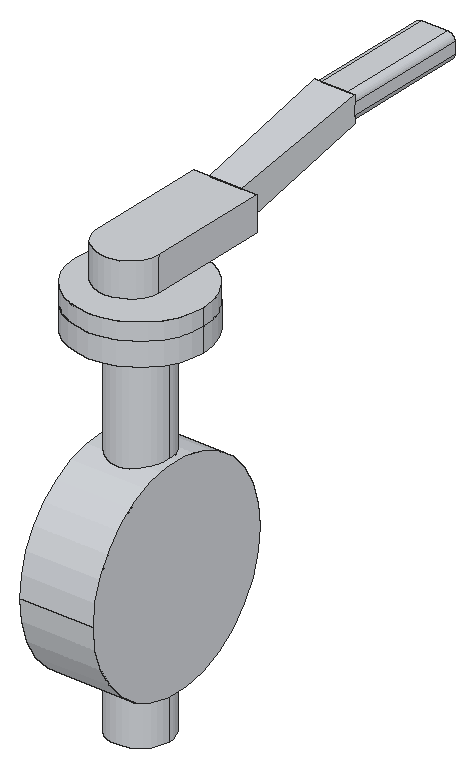
Revit family "HS497-67_disk-litina-s pákou DN100-RFA_2019", category Pipe Accessories, Revit 2019
Family settings
  Round Connector Dimension = Use Diameter
  Part Type = Valve - Breaks Into
  Work Plane-Based = No
  Always vertical = Yes
  Cut with Voids When Loaded = No
  Shared = No
Parameters (values of type "HS 497-67_DN100_PN16_s pákou")
  magiProductId = "28172f0b3f4b47b28323ac71cf8749"
  magiProductFamilyId = "53cea81e6f374d17b8841d9c72ad77"
  magiPartTypeId = 305
  isMeasuringValve [instance] = no
  ang2D [instance] = 0.00°
  X11 = 61.456 mm
  X1 = 25.456 mm
  W2D = 1000 mm
  VersionID = "2.0/2017.9.26.1/ZETKAMA_497_001"
  Use Minimum Symbol Size [instance] = yes
  URL = "http://www.hydronix.cz"
  Type Comments = "mezipřírubová; litinový disk; PN16; -10~+110°C (krátkodobě +120°C)"
  SW30 = no
  SW3 = no
  SW21 = no
  SW20 = yes
  SW2 = yes
  SW1 = no
  R = 50 mm
  QmdConnectorList = "301;D;302;D"
  Productdata [instance] = ""
  NC = 50 mm
  Model = ""
  Manufacturer = "Hydronix"  # constant formula
  MM20 = 25.456 mm
  MC Product Code = "120 100 (litinový disk, s pákou; DN100; PN16, kvs512)"
  M41 = 66 mm
  M4 = 44 mm
  LHL = 260 mm
  LHH3 = 3 mm
  LHH1 = 57 mm
  LH1 = 86.667 mm
  L4R__ve = -L4R  # -12.8 mm
  L4R = 12.8 mm
  L42__ve = -L42  # -96 mm
  L42 = 96 mm
  L41__ve = -L41  # -19.2 mm
  L41 = 19.2 mm
  L2D_Min = 3048 mm
  L2D = 216 mm
  L2 = 26 mm
  L1 = 41.6 mm
  L = 52 mm
  H = 30 mm
  G22 = 11.25 mm
  G2 = 22.5 mm
  G1 = 90 mm
  G = 90 mm
  F = 11 mm
  E44 = 31.25 mm
  E42 = 62.5 mm
  E4 = 125 mm
  E23 = 6 mm
  E22 = 24 mm
  E21 = 12 mm
  Description = "Mezipřírubová uzavírací klapka s pákou; litinový disk, DN100; PN16; kvs512"
  DR2 = 50 mm
  DR = 147 mm
  DD1 = 15.625 mm
  DD = 12.5 mm
  D = 100 mm
  CAT0 = yes
  B2__ve = -B2  # -56 mm
  B2 = 56 mm
  A2 = 16.5 mm
  A1 = 98.5 mm
Types (43, lengths in mm): name | magiProductId | X11 | X1 | Type Comments | SW30 | SW3 | SW20 | SW2 | SW1 | R | NC | MM20 | MC Product Code | M41 | M4 | LHL | LHH3 | LHH1 | LH1 | L4R__ve | L4R | L42__ve | L42 | L41__ve | L41 | L2 | L1 | L | H | G | F | E44 | E42 | E4 | E23 | E22 | E21 | Description | DR2 | DR | DD1 | DD | D | B2__ve | B2 | A2 | A1
  HS 497-67_DN100_PN16_volné vřeteno | "65d1b245f4f142c78569c0602d5754" | 61.456 | 25.456 | "mezipřírubová; litinový disk; PN16; -10~+110°C (krátkodobě +120°C)" | no | no | no | no | yes | 50 | 50 | 25.456 | "123 100 (litinový disk, s volným vřetenem; DN100; PN16, kvs512)" | 66 | 44 | 220 | 2.45 | 46.55 | 73.333 | -12.8 | 12.8 | -96 | 96 | -19.2 | 19.2 | 26 | 41.6 | 52 | 30 | 90 | 11 | 31.25 | 62.5 | 125 | 4.9 | 19.6 | 9.8 | "Mezipřírubová uzavírací klapka s volným vřetenem; litinový disk, DN100; PN16; kvs512" | 50 | 147 | 15.625 | 12.5 | 100 | -56 | 56 | 16.5 | 98.5
  HS 497-67_DN100_PN16_převodové kolo | "11e91b807e674d428c8e796fcdcfe2" | 61.456 | 25.456 | "mezipřírubová; litinový disk; PN16; -10~+110°C (krátkodobě +120°C)" | yes | yes | no | no | no | 50 | 50 | 25.456 | "125 100 (litinový disk, s převodovým kolem; DN100; PN16, kvs512)" | 65.25 | 43.5 | 220 | 2.45 | 46.55 | 73.333 | -12.8 | 12.8 | -96 | 96 | -19.2 | 19.2 | 26 | 41.6 | 52 | 30 | 90 | 11 | 31.25 | 62.5 | 125 | 4.9 | 19.6 | 9.8 | "Mezipřírubová uzavírací klapka s převodovým kolem; litinový disk, DN100; PN16; kvs512" | 50 | 147 | 15.625 | 12.5 | 100 | -56 | 56 | 16.5 | 98.5
  HS 497-67_DN100_PN16_s pákou | "28172f0b3f4b47b28323ac71cf8749" | 61.456 | 25.456 | "mezipřírubová; litinový disk; PN16; -10~+110°C (krátkodobě +120°C)" | no | no | yes | yes | no | 50 | 50 | 25.456 | "120 100 (litinový disk, s pákou; DN100; PN16, kvs512)" | 66 | 44 | 260 | 3 | 57 | 86.667 | -12.8 | 12.8 | -96 | 96 | -19.2 | 19.2 | 26 | 41.6 | 52 | 30 | 90 | 11 | 31.25 | 62.5 | 125 | 6 | 24 | 12 | "Mezipřírubová uzavírací klapka s pákou; litinový disk, DN100; PN16; kvs512" | 50 | 147 | 15.625 | 12.5 | 100 | -56 | 56 | 16.5 | 98.5
  HS 497-67_DN125_PN16_volné vřeteno | "0d813d910fc14f628bb3c2efbd185c" | 61.456 | 25.456 | "mezipřírubová; litinový disk; PN16; -10~+110°C (krátkodobě +120°C)" | no | no | no | no | yes | 62.5 | 50 | 25.456 | "123 125 (litinový disk, s volným vřetenem; DN125; PN16, kvs872)" | 66 | 44 | 220 | 2.45 | 46.55 | 73.333 | -12.8 | 12.8 | -96 | 96 | -19.2 | 19.2 | 28 | 44.8 | 56 | 33 | 90 | 14 | 31.25 | 62.5 | 125 | 4.9 | 19.6 | 9.8 | "Mezipřírubová uzavírací klapka s volným vřetenem; litinový disk, DN125; PN16; kvs872" | 62.5 | 180 | 15.625 | 12.5 | 125 | -64 | 64 | 18 | 99.5
  HS 497-67_DN125_PN16_převodové kolo | "c56b7c13f372467684996fb1e0e229" | 61.456 | 25.456 | "mezipřírubová; litinový disk; PN16; -10~+110°C (krátkodobě +120°C)" | yes | yes | no | no | no | 62.5 | 50 | 25.456 | "125 125 (litinový disk, s převodovým kolem; DN125; PN16, kvs872)" | 65.25 | 43.5 | 220 | 2.45 | 46.55 | 73.333 | -13.5 | 13.5 | -101.25 | 101.25 | -20.25 | 20.25 | 28 | 44.8 | 56 | 33 | 90 | 14 | 40 | 80 | 160 | 4.9 | 19.6 | 9.8 | "Mezipřírubová uzavírací klapka s převodovým kolem; litinový disk, DN125; PN16; kvs872" | 62.5 | 180 | 20 | 16 | 125 | -64 | 64 | 18 | 99.5
  HS 497-67_DN125_PN16_s pákou | "105993c79a91492399feef7931321a" | 61.456 | 25.456 | "mezipřírubová; litinový disk; PN16; -10~+110°C (krátkodobě +120°C)" | no | no | yes | yes | no | 62.5 | 50 | 25.456 | "120 125 (litinový disk, s pákou; DN125; PN16, kvs872)" | 66 | 44 | 315 | 3.75 | 71.25 | 105 | -12.8 | 12.8 | -96 | 96 | -19.2 | 19.2 | 28 | 44.8 | 56 | 33 | 90 | 14 | 31.25 | 62.5 | 125 | 7.5 | 30 | 15 | "Mezipřírubová uzavírací klapka s pákou; litinový disk, DN125; PN16; kvs872" | 62.5 | 180 | 15.625 | 12.5 | 125 | -64 | 64 | 18 | 99.5
  HS 497-67_DN150_PN16_volné vřeteno | "50c80cb8ab434f55ab7796e5ac1331" | 61.456 | 25.456 | "mezipřírubová; litinový disk; PN16; -10~+110°C (krátkodobě +120°C)" | no | no | no | no | yes | 75 | 50 | 25.456 | "123 150 (litinový disk, s volným vřetenem; DN150; PN16, kvs1347)" | 66 | 44 | 220 | 2.45 | 46.55 | 73.333 | -12.8 | 12.8 | -96 | 96 | -19.2 | 19.2 | 28 | 44.8 | 56 | 33 | 90 | 14 | 31.25 | 62.5 | 125 | 4.9 | 19.6 | 9.8 | "Mezipřírubová uzavírací klapka s volným vřetenem; litinový disk, DN150; PN16; kvs1347" | 75 | 206 | 15.625 | 12.5 | 150 | -58 | 58 | 19.3 | 98.7
  HS 497-67_DN150_PN16_převodové kolo | "d94a1a0cf83b476eb10011b327f709" | 61.456 | 25.456 | "mezipřírubová; litinový disk; PN16; -10~+110°C (krátkodobě +120°C)" | yes | yes | no | no | no | 75 | 50 | 25.456 | "125 150 (litinový disk, s převodovým kolem; DN150; PN16, kvs1347)" | 65.25 | 43.5 | 220 | 2.45 | 46.55 | 73.333 | -13.5 | 13.5 | -101.25 | 101.25 | -20.25 | 20.25 | 28 | 44.8 | 56 | 33 | 90 | 14 | 40 | 80 | 160 | 4.9 | 19.6 | 9.8 | "Mezipřírubová uzavírací klapka s převodovým kolem; litinový disk, DN150; PN16; kvs1347" | 75 | 206 | 20 | 16 | 150 | -58 | 58 | 19.3 | 98.7
  HS 497-67_DN150_PN16_s pákou | "4d2835523fe84828bc50ff0a5a0dfb" | 61.456 | 25.456 | "mezipřírubová; litinový disk; PN16; -10~+110°C (krátkodobě +120°C)" | no | no | yes | yes | no | 75 | 50 | 25.456 | "120 150 (litinový disk, s pákou; DN150; PN16, kvs1347)" | 66 | 44 | 315 | 3.75 | 71.25 | 105 | -12.8 | 12.8 | -96 | 96 | -19.2 | 19.2 | 28 | 44.8 | 56 | 33 | 90 | 14 | 31.25 | 62.5 | 125 | 7.5 | 30 | 15 | "Mezipřírubová uzavírací klapka s pákou; litinový disk, DN150; PN16; kvs1347" | 75 | 206 | 15.625 | 12.5 | 150 | -58 | 58 | 19.3 | 98.7
  HS 497-67_DN200_PN16_volné vřeteno | "5b29029eaeba47139ee1055a4b9201" | 61.456 | 25.456 | "mezipřírubová; litinový disk; PN16; -10~+110°C (krátkodobě +120°C)" | no | no | no | no | yes | 100 | 50 | 25.456 | "123 200 (litinový disk, s volným vřetenem; DN200; PN16, kvs2675)" | 66 | 44 | 220 | 2.45 | 46.55 | 73.333 | -12.8 | 12.8 | -96 | 96 | -19.2 | 19.2 | 30 | 48 | 60 | 33 | 90 | 17 | 31.25 | 62.5 | 125 | 4.9 | 19.6 | 9.8 | "Mezipřírubová uzavírací klapka s volným vřetenem; litinový disk, DN200; PN16; kvs2675" | 100 | 257 | 15.625 | 12.5 | 200 | -70 | 70 | 22.5 | 102.5
  HS 497-67_DN200_PN16_převodové kolo | "b2793cc1fcc44cf2a35062cd67c04f" | 61.456 | 25.456 | "mezipřírubová; litinový disk; PN16; -10~+110°C (krátkodobě +120°C)" | yes | yes | no | no | no | 100 | 57 | 25.456 | "125 200 (litinový disk, s převodovým kolem; DN200; PN16, kvs2675)" | 78.75 | 52.5 | 220 | 2.45 | 46.55 | 73.333 | -15.2 | 15.2 | -114 | 114 | -22.8 | 22.8 | 30 | 48 | 60 | 33 | 90 | 17 | 50 | 100 | 200 | 4.9 | 19.6 | 9.8 | "Mezipřírubová uzavírací klapka s převodovým kolem; litinový disk, DN200; PN16; kvs2675" | 100 | 257 | 25 | 20 | 200 | -70 | 70 | 22.5 | 102.5
  HS 497-67_DN200_PN16_s pákou | "f88d96c7af224537a51e72d7d8fffe" | 61.456 | 25.456 | "mezipřírubová; litinový disk; PN16; -10~+110°C (krátkodobě +120°C)" | no | no | yes | yes | no | 100 | 50 | 25.456 | "120 200 (litinový disk, s pákou; DN200; PN16, kvs2675)" | 66 | 44 | 315 | 3.75 | 71.25 | 105 | -12.8 | 12.8 | -96 | 96 | -19.2 | 19.2 | 30 | 48 | 60 | 33 | 90 | 17 | 31.25 | 62.5 | 125 | 7.5 | 30 | 15 | "Mezipřírubová uzavírací klapka s pákou; litinový disk, DN200; PN16; kvs2675" | 100 | 257 | 15.625 | 12.5 | 200 | -70 | 70 | 22.5 | 102.5
  HS 497-67_DN250_PN16_volné vřeteno | "b662e8305ca2402b9c510e66e6aa55" | 88.77 | 36.77 | "mezipřírubová; litinový disk; PN16; -10~+110°C (krátkodobě +120°C)" | no | no | no | no | yes | 125 | 50 | 36.77 | "123 250 (litinový disk, s volným vřetenem; DN250; PN16, kvs4555)" | 66 | 44 | 220 | 2.45 | 46.55 | 73.333 | -12.8 | 12.8 | -96 | 96 | -19.2 | 19.2 | 34 | 54.4 | 68 | 23 | 130 | 22 | 31.25 | 62.5 | 125 | 4.9 | 19.6 | 9.8 | "Mezipřírubová uzavírací klapka s volným vřetenem; litinový disk, DN250; PN16; kvs4555" | 125 | 324 | 15.625 | 12.5 | 250 | -85 | 85 | 28.25 | 129.25
  HS 497-67_DN250_PN16_převodové kolo | "5ee9016806664ddfaa2632711f295c" | 88.77 | 36.77 | "mezipřírubová; litinový disk; PN16; -10~+110°C (krátkodobě +120°C)" | yes | yes | no | no | no | 125 | 70 | 36.77 | "125 250 (litinový disk, s převodovým kolem; DN250; PN16, kvs4555)" | 91.5 | 61 | 220 | 2.45 | 46.55 | 73.333 | -22.2 | 22.2 | -166.5 | 166.5 | -33.3 | 33.3 | 34 | 54.4 | 68 | 23 | 130 | 22 | 62.5 | 125 | 250 | 4.9 | 19.6 | 9.8 | "Mezipřírubová uzavírací klapka s převodovým kolem; litinový disk, DN250; PN16; kvs4555" | 125 | 324 | 31.25 | 25 | 250 | -85 | 85 | 28.25 | 129.25
  HS 497-67_DN300_PN16_volné vřeteno | "e1886f51ff004380a649519258edf2" | 88.77 | 36.77 | "mezipřírubová; litinový disk; PN16; -10~+110°C (krátkodobě +120°C)" | no | no | no | no | yes | 150 | 50 | 36.77 | "123 300 (litinový disk, s volným vřetenem; DN300; PN16, kvs7037)" | 66 | 44 | 220 | 2.45 | 46.55 | 73.333 | -12.8 | 12.8 | -96 | 96 | -19.2 | 19.2 | 39 | 62.4 | 78 | 23 | 130 | 22 | 31.25 | 62.5 | 125 | 4.9 | 19.6 | 9.8 | "Mezipřírubová uzavírací klapka s volným vřetenem; litinový disk, DN300; PN16; kvs7037" | 150 | 376 | 15.625 | 12.5 | 300 | -90 | 90 | 30.8 | 127.2
  HS 497-67_DN300_PN16_převodové kolo | "6860f094f77d42088fbebc3c97f755" | 88.77 | 36.77 | "mezipřírubová; litinový disk; PN16; -10~+110°C (krátkodobě +120°C)" | yes | yes | no | no | no | 150 | 70 | 36.77 | "125 300 (litinový disk, s převodovým kolem; DN300; PN16, kvs7037)" | 91.5 | 61 | 220 | 2.45 | 46.55 | 73.333 | -22.2 | 22.2 | -166.5 | 166.5 | -33.3 | 33.3 | 39 | 62.4 | 78 | 23 | 130 | 22 | 62.5 | 125 | 250 | 4.9 | 19.6 | 9.8 | "Mezipřírubová uzavírací klapka s převodovým kolem; litinový disk, DN300; PN16; kvs7037" | 150 | 376 | 31.25 | 25 | 300 | -90 | 90 | 30.8 | 127.2
  HS 497-67_DN032_PN16_volné vřeteno | "8c5f65de52aa4067a77564107e31b2" | 61.456 | 25.456 | "mezipřírubová; litinový disk; PN16; -10~+110°C (krátkodobě +120°C)" | no | no | no | no | yes | 16 | 50 | 25.456 | "123 032 (litinový disk, s volným vřetenem; DN32; PN16, kvs78)" | 66 | 44 | 220 | 2.45 | 46.55 | 73.333 | -12.8 | 12.8 | -96 | 96 | -19.2 | 19.2 | 16.5 | 26.4 | 33 | 30 | 90 | 11 | 31.25 | 62.5 | 125 | 4.9 | 19.6 | 9.8 | "Mezipřírubová uzavírací klapka s volným vřetenem; litinový disk, DN32; PN16; kvs78" | 16 | 68 | 15.625 | 12.5 | 32 | -44.2 | 44.2 | 10.25 | 76.25
  HS 497-67_DN032_PN16_převodové kolo | "60aaeffa8b3a4e809ef000e4660060" | 61.456 | 25.456 | "mezipřírubová; litinový disk; PN16; -10~+110°C (krátkodobě +120°C)" | yes | yes | no | no | no | 16 | 50 | 25.456 | "125 032 (litinový disk, s převodovým kolem; DN32; PN16, kvs78)" | 65.25 | 43.5 | 220 | 2.45 | 46.55 | 73.333 | -12.8 | 12.8 | -96 | 96 | -19.2 | 19.2 | 16.5 | 26.4 | 33 | 30 | 90 | 11 | 31.25 | 62.5 | 125 | 4.9 | 19.6 | 9.8 | "Mezipřírubová uzavírací klapka s převodovým kolem; litinový disk, DN32; PN16; kvs78" | 16 | 68 | 15.625 | 12.5 | 32 | -44.2 | 44.2 | 10.25 | 76.25
  HS 497-67_DN032_PN16_s pákou | "9ad8088d610749a1b871aa2aad8007" | 61.456 | 25.456 | "mezipřírubová; litinový disk; PN16; -10~+110°C (krátkodobě +120°C)" | no | no | yes | yes | no | 16 | 50 | 25.456 | "120 032 (litinový disk, s pákou; DN32; PN16, kvs78)" | 66 | 44 | 220 | 2.45 | 46.55 | 73.333 | -12.8 | 12.8 | -96 | 96 | -19.2 | 19.2 | 16.5 | 26.4 | 33 | 30 | 90 | 11 | 31.25 | 62.5 | 125 | 4.9 | 19.6 | 9.8 | "Mezipřírubová uzavírací klapka s pákou; litinový disk, DN32; PN16; kvs78" | 16 | 68 | 15.625 | 12.5 | 32 | -44.2 | 44.2 | 10.25 | 76.25
  HS 497-67_DN350_PN10_volné vřeteno | "72a1e05f22944421b7e9596a877137" | 109.255 | 45.255 | "mezipřírubová; litinový disk; PN10; -10~+110°C (krátkodobě +120°C)" | no | no | no | no | yes | 175 | 50 | 45.255 | "123 350 (litinový disk, s volným vřetenem; DN350; PN10, kvs10165)" | 66 | 44 | 220 | 2.45 | 46.55 | 73.333 | -12.8 | 12.8 | -96 | 96 | -19.2 | 19.2 | 39 | 62.4 | 78 | 31 | 160 | 22 | 31.25 | 62.5 | 125 | 4.9 | 19.6 | 9.8 | "Mezipřírubová uzavírací klapka s volným vřetenem; litinový disk, DN350; PN10; kvs10165" | 175 | 430 | 15.625 | 12.5 | 350 | -88 | 88 | 33.85 | 129.65
  HS 497-67_DN350_PN10_převodové kolo | "a5a01426cb28494ba3afca92f1dace" | 109.255 | 45.255 | "mezipřírubová; litinový disk; PN10; -10~+110°C (krátkodobě +120°C)" | yes | yes | no | no | no | 175 | 70 | 45.255 | "125 350 (litinový disk, s převodovým kolem; DN350; PN10, kvs10165)" | 91.5 | 61 | 220 | 2.45 | 46.55 | 73.333 | -22.2 | 22.2 | -166.5 | 166.5 | -33.3 | 33.3 | 39 | 62.4 | 78 | 31 | 160 | 22 | 62.5 | 125 | 250 | 4.9 | 19.6 | 9.8 | "Mezipřírubová uzavírací klapka s převodovým kolem; litinový disk, DN350; PN10; kvs10165" | 175 | 430 | 31.25 | 25 | 350 | -88 | 88 | 33.85 | 129.65
  HS 497-67_DN400_PN10_volné vřeteno | "c70ebeb927c04ab99b176e257ad0a7" | 109.255 | 45.255 | "mezipřírubová; litinový disk; PN10; -10~+110°C (krátkodobě +120°C)" | no | no | no | no | yes | 200 | 50 | 45.255 | "123 400 (litinový disk, s volným vřetenem; DN400; PN10, kvs13799)" | 66 | 44 | 220 | 2.45 | 46.55 | 73.333 | -12.8 | 12.8 | -96 | 96 | -19.2 | 19.2 | 51 | 81.6 | 102 | 31 | 160 | 27 | 31.25 | 62.5 | 125 | 4.9 | 19.6 | 9.8 | "Mezipřírubová uzavírací klapka s volným vřetenem; litinový disk, DN400; PN10; kvs13799" | 200 | 485 | 15.625 | 12.5 | 400 | -108 | 108 | 38 | 142
  HS 497-67_DN400_PN10_převodové kolo | "cc64a4384dcb41b780d81810f4f293" | 109.255 | 45.255 | "mezipřírubová; litinový disk; PN10; -10~+110°C (krátkodobě +120°C)" | yes | yes | no | no | no | 200 | 72.5 | 45.255 | "125 400 (litinový disk, s převodovým kolem; DN400; PN10, kvs13799)" | 103.5 | 69 | 220 | 2.45 | 46.55 | 73.333 | -27.8 | 27.8 | -208.5 | 208.5 | -41.7 | 41.7 | 51 | 81.6 | 102 | 31 | 160 | 27 | 75 | 150 | 300 | 4.9 | 19.6 | 9.8 | "Mezipřírubová uzavírací klapka s převodovým kolem; litinový disk, DN400; PN10; kvs13799" | 200 | 485 | 37.5 | 30 | 400 | -108 | 108 | 38 | 142
  HS 497-67_DN040_PN16_volné vřeteno | "35f92312390745e88df5b5c325d9ee" | 61.456 | 25.456 | "mezipřírubová; litinový disk; PN16; -10~+110°C (krátkodobě +120°C)" | no | no | no | no | yes | 20 | 50 | 25.456 | "123 040 (litinový disk, s volným vřetenem; DN40; PN16, kvs78)" | 66 | 44 | 220 | 2.45 | 46.55 | 73.333 | -12.8 | 12.8 | -96 | 96 | -19.2 | 19.2 | 16.5 | 26.4 | 33 | 30 | 90 | 11 | 31.25 | 62.5 | 125 | 4.9 | 19.6 | 9.8 | "Mezipřírubová uzavírací klapka s volným vřetenem; litinový disk, DN40; PN16; kvs78" | 20 | 76 | 15.625 | 12.5 | 40 | -36 | 36 | 11 | 79
  HS 497-67_DN040_PN16_převodové kolo | "d88e968eae3445bc9b7b4e6ff35127" | 61.456 | 25.456 | "mezipřírubová; litinový disk; PN16; -10~+110°C (krátkodobě +120°C)" | yes | yes | no | no | no | 20 | 50 | 25.456 | "125 040 (litinový disk, s převodovým kolem; DN40; PN16, kvs78)" | 65.25 | 43.5 | 220 | 2.45 | 46.55 | 73.333 | -12.8 | 12.8 | -96 | 96 | -19.2 | 19.2 | 16.5 | 26.4 | 33 | 30 | 90 | 11 | 31.25 | 62.5 | 125 | 4.9 | 19.6 | 9.8 | "Mezipřírubová uzavírací klapka s převodovým kolem; litinový disk, DN40; PN16; kvs78" | 20 | 76 | 15.625 | 12.5 | 40 | -36 | 36 | 11 | 79
  HS 497-67_DN040_PN16_s pákou | "c1b522ca65b4407a98818f232eaacb" | 61.456 | 25.456 | "mezipřírubová; litinový disk; PN16; -10~+110°C (krátkodobě +120°C)" | no | no | yes | yes | no | 20 | 50 | 25.456 | "120 040 (litinový disk, s pákou; DN40; PN16, kvs78)" | 66 | 44 | 220 | 2.45 | 46.55 | 73.333 | -12.8 | 12.8 | -96 | 96 | -19.2 | 19.2 | 16.5 | 26.4 | 33 | 30 | 90 | 11 | 31.25 | 62.5 | 125 | 4.9 | 19.6 | 9.8 | "Mezipřírubová uzavírací klapka s pákou; litinový disk, DN40; PN16; kvs78" | 20 | 76 | 15.625 | 12.5 | 40 | -36 | 36 | 11 | 79
  HS 497-67_DN450_PN10_volné vřeteno | "a8358bc282f14872b3194e530e590a" | 129.74 | 53.74 | "mezipřírubová; litinový disk; PN10; -10~+110°C (krátkodobě +120°C)" | no | no | no | no | yes | 225 | 50 | 53.74 | "123 450 (litinový disk, s volným vřetenem; DN450; PN10, kvs18514)" | 66 | 44 | 220 | 2.45 | 46.55 | 73.333 | -12.8 | 12.8 | -96 | 96 | -19.2 | 19.2 | 57 | 91.2 | 114 | 38 | 190 | 36 | 31.25 | 62.5 | 125 | 4.9 | 19.6 | 9.8 | "Mezipřírubová uzavírací klapka s volným vřetenem; litinový disk, DN450; PN10; kvs18514" | 225 | 536 | 15.625 | 12.5 | 450 | -115 | 115 | 38.05 | 117.45
  HS 497-67_DN450_PN10_převodové kolo | "cdf2d80f54a9414f9cbe50647c0ebd" | 129.74 | 53.74 | "mezipřírubová; litinový disk; PN10; -10~+110°C (krátkodobě +120°C)" | yes | yes | no | no | no | 225 | 91.5 | 53.74 | "125 450 (litinový disk, s převodovým kolem; DN450; PN10, kvs18514)" | 144.75 | 96.5 | 220 | 2.45 | 46.55 | 73.333 | -32.1 | 32.1 | -240.75 | 240.75 | -48.15 | 48.15 | 57 | 91.2 | 114 | 38 | 190 | 36 | 100 | 200 | 400 | 4.9 | 19.6 | 9.8 | "Mezipřírubová uzavírací klapka s převodovým kolem; litinový disk, DN450; PN10; kvs18514" | 225 | 536 | 50 | 40 | 450 | -115 | 115 | 38.05 | 117.45
  HS 497-67_DN500_PN10_volné vřeteno | "8c396e27bb2743f98f3c762b6517cd" | 143.397 | 59.397 | "mezipřírubová; litinový disk; PN10; -10~+110°C (krátkodobě +120°C)" | no | no | no | no | yes | 250 | 50 | 59.397 | "123 500 (litinový disk, s volným vřetenem; DN500; PN10, kvs23805)" | 66 | 44 | 220 | 2.45 | 46.55 | 73.333 | -12.8 | 12.8 | -96 | 96 | -19.2 | 19.2 | 63.5 | 101.6 | 127 | 38 | 210 | 36 | 31.25 | 62.5 | 125 | 4.9 | 19.6 | 9.8 | "Mezipřírubová uzavírací klapka s volným vřetenem; litinový disk, DN500; PN10; kvs23805" | 250 | 593 | 15.625 | 12.5 | 500 | -130 | 130 | 43.25 | 139.25
  HS 497-67_DN500_PN10_převodové kolo | "7647804f32e94cef828a7034a91a46" | 143.397 | 59.397 | "mezipřírubová; litinový disk; PN10; -10~+110°C (krátkodobě +120°C)" | yes | yes | no | no | no | 250 | 91.5 | 59.397 | "125 500 (litinový disk, s převodovým kolem; DN500; PN10, kvs23805)" | 144.75 | 96.5 | 220 | 2.45 | 46.55 | 73.333 | -32.1 | 32.1 | -240.75 | 240.75 | -48.15 | 48.15 | 63.5 | 101.6 | 127 | 38 | 210 | 36 | 100 | 200 | 400 | 4.9 | 19.6 | 9.8 | "Mezipřírubová uzavírací klapka s převodovým kolem; litinový disk, DN500; PN10; kvs23805" | 250 | 593 | 50 | 40 | 500 | -130 | 130 | 43.25 | 139.25
  HS 497-67_DN050_PN16_volné vřeteno | "d71f296ecd6d4adf8f6e5d9853b4e0" | 61.456 | 25.456 | "mezipřírubová; litinový disk; PN16; -10~+110°C (krátkodobě +120°C)" | no | no | no | no | yes | 25 | 50 | 25.456 | "123 050 (litinový disk, s volným vřetenem; DN50; PN16, kvs98)" | 66 | 44 | 220 | 2.45 | 46.55 | 73.333 | -12.8 | 12.8 | -96 | 96 | -19.2 | 19.2 | 21.5 | 34.4 | 43 | 30 | 90 | 11 | 31.25 | 62.5 | 125 | 4.9 | 19.6 | 9.8 | "Mezipřírubová uzavírací klapka s volným vřetenem; litinový disk, DN50; PN16; kvs98" | 25 | 100 | 15.625 | 12.5 | 50 | -36.5 | 36.5 | 12 | 83
  HS 497-67_DN050_PN16_převodové kolo | "2fb080deeaed49c58418b94c1da5a4" | 61.456 | 25.456 | "mezipřírubová; litinový disk; PN16; -10~+110°C (krátkodobě +120°C)" | yes | yes | no | no | no | 25 | 50 | 25.456 | "125 050 (litinový disk, s převodovým kolem; DN50; PN16, kvs98)" | 65.25 | 43.5 | 220 | 2.45 | 46.55 | 73.333 | -12.8 | 12.8 | -96 | 96 | -19.2 | 19.2 | 21.5 | 34.4 | 43 | 30 | 90 | 11 | 31.25 | 62.5 | 125 | 4.9 | 19.6 | 9.8 | "Mezipřírubová uzavírací klapka s převodovým kolem; litinový disk, DN50; PN16; kvs98" | 25 | 100 | 15.625 | 12.5 | 50 | -36.5 | 36.5 | 12 | 83
  HS 497-67_DN050_PN16_s pákou | "dabc632061f94877a994b9b4e68112" | 61.456 | 25.456 | "mezipřírubová; litinový disk; PN16; -10~+110°C (krátkodobě +120°C)" | no | no | yes | yes | no | 25 | 50 | 25.456 | "120 050 (litinový disk, s pákou; DN50; PN16, kvs98)" | 66 | 44 | 220 | 2.45 | 46.55 | 73.333 | -12.8 | 12.8 | -96 | 96 | -19.2 | 19.2 | 21.5 | 34.4 | 43 | 30 | 90 | 11 | 31.25 | 62.5 | 125 | 4.9 | 19.6 | 9.8 | "Mezipřírubová uzavírací klapka s pákou; litinový disk, DN50; PN16; kvs98" | 25 | 100 | 15.625 | 12.5 | 50 | -36.5 | 36.5 | 12 | 83
  HS 497-67_DN600_PN10_volné vřeteno | "99d5892c14664fce81a7c5903f7711" | 143.397 | 59.397 | "mezipřírubová; litinový disk; PN10; -10~+110°C (krátkodobě +120°C)" | no | no | no | no | yes | 300 | 50 | 59.397 | "123 600 (litinový disk, s volným vřetenem; DN600; PN10, kvs36778)" | 66 | 44 | 220 | 2.45 | 46.55 | 73.333 | -12.8 | 12.8 | -96 | 96 | -19.2 | 19.2 | 77 | 123.2 | 154 | 80 | 210 | 60 | 31.25 | 62.5 | 125 | 4.9 | 19.6 | 9.8 | "Mezipřírubová uzavírací klapka s volným vřetenem; litinový disk, DN600; PN10; kvs36788" | 300 | 690 | 15.625 | 12.5 | 600 | -140 | 140 | 49.4 | 144.6
  HS 497-67_DN600_PN10_převodové kolo | "b1e26faab48a4c499f6bb11e7e3002" | 143.397 | 59.397 | "mezipřírubová; litinový disk; PN10; -10~+110°C (krátkodobě +120°C)" | yes | yes | no | no | no | 300 | 140 | 59.397 | "125 600 (litinový disk, s převodovým kolem; DN600; PN10, kvs36778)" | 206.25 | 137.5 | 220 | 2.45 | 46.55 | 73.333 | -40.8 | 40.8 | -306 | 306 | -61.2 | 61.2 | 77 | 123.2 | 154 | 80 | 210 | 60 | 125 | 250 | 500 | 4.9 | 19.6 | 9.8 | "Mezipřírubová uzavírací klapka s převodovým kolem; litinový disk, DN600; PN10; kvs36788" | 300 | 690 | 62.5 | 50 | 600 | -140 | 140 | 49.4 | 144.6
  HS 497-67_DN065_PN16_volné vřeteno | "5e5e208646e34ec29f889baab5d08e" | 61.456 | 25.456 | "mezipřírubová; litinový disk; PN16; -10~+110°C (krátkodobě +120°C)" | no | no | no | no | yes | 32.5 | 50 | 25.456 | "123 065 (litinový disk, s volným vřetenem; DN65; PN16, kvs167)" | 66 | 44 | 220 | 2.45 | 46.55 | 73.333 | -12.8 | 12.8 | -96 | 96 | -19.2 | 19.2 | 23 | 36.8 | 46 | 30 | 90 | 11 | 31.25 | 62.5 | 125 | 4.9 | 19.6 | 9.8 | "Mezipřírubová uzavírací klapka s volným vřetenem; litinový disk, DN65; PN16; kv167" | 32.5 | 108 | 15.625 | 12.5 | 65 | -36.5 | 36.5 | 13.5 | 89
  HS 497-67_DN065_PN16_převodové kolo | "654d74c8d15540b0bfe523d988ccb3" | 61.456 | 25.456 | "mezipřírubová; litinový disk; PN16; -10~+110°C (krátkodobě +120°C)" | yes | yes | no | no | no | 32.5 | 50 | 25.456 | "125 065 (litinový disk, s převodovým kolem; DN65; PN16, kvs167)" | 65.25 | 43.5 | 220 | 2.45 | 46.55 | 73.333 | -12.8 | 12.8 | -96 | 96 | -19.2 | 19.2 | 23 | 36.8 | 46 | 30 | 90 | 11 | 31.25 | 62.5 | 125 | 4.9 | 19.6 | 9.8 | "Mezipřírubová uzavírací klapka s převodovým kolem; litinový disk, DN65; PN16; kvs167" | 32.5 | 108 | 15.625 | 12.5 | 65 | -36.5 | 36.5 | 13.5 | 89
  HS 497-67_DN065_PN16_s pákou | "ebeb4b59db0641caaf6d6635ab37b9" | 61.456 | 25.456 | "mezipřírubová; litinový disk; PN16; -10~+110°C (krátkodobě +120°C)" | no | no | yes | yes | no | 32.5 | 50 | 25.456 | "120 065 (litinový disk, s pákou; DN65; PN16, kvs167)" | 66 | 44 | 220 | 2.45 | 46.55 | 73.333 | -12.8 | 12.8 | -96 | 96 | -19.2 | 19.2 | 23 | 36.8 | 46 | 30 | 90 | 11 | 31.25 | 62.5 | 125 | 4.9 | 19.6 | 9.8 | "Mezipřírubová uzavírací klapka s pákou; litinový disk, DN65; PN16; kvs167" | 32.5 | 108 | 15.625 | 12.5 | 65 | -36.5 | 36.5 | 13.5 | 89
  HS 497-67_DN080_PN16_volné vřeteno | "9e85c75c18654e1185a9c48ed6b00e" | 61.456 | 25.456 | "mezipřírubová; litinový disk; PN16; -10~+110°C (krátkodobě +120°C)" | no | no | no | no | yes | 40 | 50 | 25.456 | "123 080 (litinový disk, s volným vřetenem; DN80; PN16, kvs258)" | 66 | 44 | 220 | 2.45 | 46.55 | 73.333 | -12.8 | 12.8 | -96 | 96 | -19.2 | 19.2 | 23 | 36.8 | 46 | 30 | 90 | 11 | 31.25 | 62.5 | 125 | 4.9 | 19.6 | 9.8 | "Mezipřírubová uzavírací klapka s volným vřetenem; litinový disk, DN80; PN16; kvs258" | 40 | 124 | 15.625 | 12.5 | 80 | -54 | 54 | 14.1 | 86.9
  HS 497-67_DN080_PN16_převodové kolo | "5b3c8238c3d041e68c75b199e7ea46" | 61.456 | 25.456 | "mezipřírubová; litinový disk; PN16; -10~+110°C (krátkodobě +120°C)" | yes | yes | no | no | no | 40 | 50 | 25.456 | "125 080 (litinový disk, s převodovým kolem; DN80; PN16, kvs258)" | 65.25 | 43.5 | 220 | 2.45 | 46.55 | 73.333 | -12.8 | 12.8 | -96 | 96 | -19.2 | 19.2 | 23 | 36.8 | 46 | 30 | 90 | 11 | 31.25 | 62.5 | 125 | 4.9 | 19.6 | 9.8 | "Mezipřírubová uzavírací klapka s převodovým kolem; litinový disk, DN80; PN16; kvs258" | 40 | 124 | 15.625 | 12.5 | 80 | -54 | 54 | 14.1 | 86.9
  HS 497-67_DN080_PN16_s pákou | "e414795fab0f4eccb99bc3572c5477" | 61.456 | 25.456 | "mezipřírubová; litinový disk; PN16; -10~+110°C (krátkodobě +120°C)" | no | no | yes | yes | no | 40 | 50 | 25.456 | "120 080 (litinový disk, s pákou; DN80; PN16, kvs258)" | 66 | 44 | 260 | 3 | 57 | 86.667 | -12.8 | 12.8 | -96 | 96 | -19.2 | 19.2 | 23 | 36.8 | 46 | 30 | 90 | 11 | 31.25 | 62.5 | 125 | 6 | 24 | 12 | "Mezipřírubová uzavírací klapka s pákou; litinový disk, DN80; PN16; kvs258" | 40 | 124 | 15.625 | 12.5 | 80 | -54 | 54 | 14.1 | 86.9
  HS 497-67_DN250_PN16_s pákou | "" | 88.77 | 36.77 | "mezipřírubová; litinový disk; PN16; -10~+110°C (krátkodobě +120°C)" | no | no | yes | yes | no | 125 | 70 | 36.77 | "120 250 (litinový disk, s pákou; DN250; PN16, kvs4555)" | 91.5 | 61 | 220 | 2.45 | 46.55 | 73.333 | -22.2 | 22.2 | -166.5 | 166.5 | -33.3 | 33.3 | 34 | 54.4 | 68 | 23 | 130 | 22 | 62.5 | 125 | 250 | 4.9 | 19.6 | 9.8 | "Mezipřírubová uzavírací klapka s pákou; litinový disk, DN250; PN16; kvs4555" | 125 | 324 | 31.25 | 25 | 250 | -85 | 85 | 28.25 | 129.25
  HS 497-67_DN300_PN16_s pákou | "" | 88.77 | 36.77 | "mezipřírubová; litinový disk; PN16; -10~+110°C (krátkodobě +120°C)" | no | no | yes | yes | no | 150 | 70 | 36.77 | "120 300 (litinový disk, s pákou; DN300; PN16, kvs7037)" | 91.5 | 61 | 220 | 2.45 | 46.55 | 73.333 | -22.2 | 22.2 | -166.5 | 166.5 | -33.3 | 33.3 | 39 | 62.4 | 78 | 23 | 130 | 22 | 62.5 | 125 | 250 | 4.9 | 19.6 | 9.8 | "Mezipřírubová uzavírací klapka s pákou; litinový disk, DN300; PN16; kvs7037" | 150 | 376 | 31.25 | 25 | 300 | -90 | 90 | 30.8 | 127.2
Reference planes
  plane 1 "Center (Front/Back)": y = 0
  plane 2 "XYPLANE": z = 0
  plane 3 "Center (Left/Right)": x = 0
  plane 4 "473": x = -25.456
  plane 5 "472": x = -66
  plane 6 "471": y = -25.456
  plane 7 "470": y = 25.456
  plane 8 "469": x = -44
  plane 9 "468": y = -115.2
  plane 10 "467": y = -96
  plane 11 "466": z = 196.25
  plane 12 "465": z = 222
  plane 13 "464": y = 172.083
  plane 14 "463": z = 210
  plane 15 "462": z = 189
  plane 16 "461": z = 201
  plane 17 "460": y = 85.417
  plane 18 "459": x = -11.25
  plane 19 "458": x = 11.25
  plane 20 "457": y = -6.25
  plane 21 "456": x = -17.5
  plane 22 "455": x = 17.5
  plane 23 "454": z = 207
  plane 24 "453": y = 75.417
  plane 25 "452": y = -11.25
  plane 26 "451": x = -22.5
  plane 27 "450": x = 22.5
  plane 28 "449": z = 183
  plane 29 "448": z = 177
  plane 30 "447": z = -50
  plane 31 "446": z = 165
  plane 32 "445": z = 148.5
  plane 33 "444": z = 50
  plane 34 "443": x = 26
  plane 35 "442": x = -26
  plane 36 "441": z = 0
  plane 37 "440": y = 0
  plane 38 "439": x = 0
  plane 39 "438": z = 225
  plane 40 "437": z = 207
  plane 41 "436": x = 14.25
  plane 42 "435": x = -14.25
  plane 43 "434": y = 260
Forms (mm)
  Extrusion 1, solid, visible <- "SW3"
    sketch origin (-750, 0, 165) x (1, 0, 0) y (0, 1, 0)
      loop
        line (684, 25.456) -> (684, -25.456) -> (724.544, -25.456)
        arc (724.544, -25.456) -> (786, 0) -> (724.544, 25.456) r 36
        line (724.544, 25.456) -> (684, 25.456)
    from 0 to 62.5 <- "E42"
  Extrusion 2, solid, visible <- "SW30"
    sketch origin (0, -750, 0) x (0, 1, 0) y (0, 0, 1)
      loop
        circle (750, 196.25) r 7.813
    from 0 to 50 <- "NC"
  Extrusion 3, solid, visible <- "SW30"
    sketch origin (750, -115.2, 0) x (-1, 0, 0) y (0, 0, 1)
      loop
        circle (794, 196.25) r 62.5
    from 0 to -12.8 <- "L4R__ve"
  Extrusion 4, solid, visible <- "SW3"
    sketch origin (750, -96, 0) x (-1, 0, 0) y (0, 0, 1)
      loop
        circle (794, 196.25) r 7.813
    from 0 to -19.2 <- "L41__ve"
  Extrusion 5, solid, visible <- "SW30"
    sketch origin (750, 0, 0) x (-1, 0, 0) y (0, 0, 1)
      loop
        circle (794, 196.25) r 6.25
    from 0 to -96 <- "L42__ve"
  Blend 6, solid, visible <- "SW21"
    base sketch origin (750, 85.417, 0) x (-1, 0, 0) y (0, 0, 1)
      loop
        line (761.25, 201) -> (738.75, 201) -> (738.75, 189) -> (761.25, 189) -> (761.25, 201)
    top sketch origin (750, 85.417, 0) x (-1, 0, 0) y (0, 0, 1)
      loop
        line (761.25, 222) -> (738.75, 222) -> (738.75, 210) -> (761.25, 210) -> (761.25, 222)
    from 0 to 86.667
  Blend 7, solid, visible <- "SW21"
    base sketch origin (750, 75.417, 0) x (-1, 0, 0) y (0, 0, 1)
      loop
        line (761.25, 207) -> (738.75, 207) -> (738.75, 183) -> (761.25, 183) -> (761.25, 207)
    top sketch origin (750, 75.417, 0) x (-1, 0, 0) y (0, 0, 1)
      loop
        line (761.25, 201) -> (738.75, 201) -> (738.75, 189) -> (761.25, 189) -> (761.25, 201)
    from 0 to 10
  Blend 8, solid, visible <- "SW21"
    base sketch origin (-750, 0, 183) x (1, 0, 0) y (0, 1, 0)
      loop
        line (772.5, 75.417) -> (727.5, 75.417) -> (727.5, -11.25)
        arc (727.5, -11.25) -> (750, -31.25) -> (772.5, -11.25) r 22.656
        line (772.5, -11.25) -> (772.5, 75.417)
    top sketch origin (-750, 0, 183) x (1, 0, 0) y (0, 1, 0)
      loop
        line (767.5, 75.417) -> (732.5, 75.417) -> (732.5, -6.25)
        arc (732.5, -6.25) -> (750, -26.25) -> (767.5, -6.25) r 17.656
        line (767.5, -6.25) -> (767.5, 75.417)
    from 0 to 24
  Extrusion 9, solid, visible <- "SW2"
    sketch origin (-750, 0, 177) x (1, 0, 0) y (0, 1, 0)
      loop
        circle (750, 0) r 11.25
    from 0 to 6 <- "E23"
  Extrusion 10, solid, visible <- "SW2"
    sketch origin (-750, 0, 165) x (1, 0, 0) y (0, 1, 0)
      loop
        circle (750, 0) r 45
    from 0 to 12 <- "E21"
  Extrusion 11, solid, visible <- "CAT0"
    sketch origin (-750, 0, -50) x (1, 0, 0) y (0, 1, 0)
      loop
        circle (750, 0) r 20.8
    from 0 to -56 <- "B2__ve"
  Extrusion 12, solid, visible <- "CAT0"
    sketch origin (-750, 0, 148.5) x (1, 0, 0) y (0, 1, 0)
      loop
        circle (750, 0) r 45
    from 0 to 16.5 <- "A2"
  Extrusion 13, solid, visible <- "CAT0"
    sketch origin (-750, 0, 50) x (1, 0, 0) y (0, 1, 0)
      loop
        circle (750, 0) r 20.8
    from 0 to 98.5 <- "A1"
  Extrusion 14, solid, visible <- "CAT0"
    sketch origin (-26, -750, 0) x (0, 1, 0) y (0, 0, 1)
      loop
        circle (750, 0) r 73.5
    from 0 to 52 <- "L"
  Extrusion 15, solid, visible <- "SW1"
    sketch origin (-750, 0, 165) x (1, 0, 0) y (0, 1, 0)
      loop
        line (755.5, 5.5) -> (744.5, 5.5) -> (744.5, -5.5) -> (755.5, -5.5) -> (755.5, 5.5)
    from 0 to 30 <- "H"
  Blend 16, solid, visible <- "SW2"
    base sketch origin (750, 172.083, 0) x (-1, 0, 0) y (0, 0, 1)
      loop
        arc (764.25, 220) -> (762.786, 223.536) -> (759.25, 225) r 5
        line (759.25, 225) -> (740.75, 225)
        arc (740.75, 225) -> (737.214, 223.536) -> (735.75, 220) r 5
        line (735.75, 220) -> (735.75, 212)
        arc (735.75, 212) -> (737.214, 208.464) -> (740.75, 207) r 5
        line (740.75, 207) -> (759.25, 207)
        arc (759.25, 207) -> (762.786, 208.464) -> (764.25, 212) r 5
        line (764.25, 212) -> (764.25, 220)
    top sketch origin (750, 172.083, 0) x (-1, 0, 0) y (0, 0, 1)
      loop
        arc (764.25, 220) -> (762.786, 223.536) -> (759.25, 225) r 5
        line (759.25, 225) -> (740.75, 225)
        arc (740.75, 225) -> (737.214, 223.536) -> (735.75, 220) r 5
        line (735.75, 220) -> (735.75, 212)
        arc (735.75, 212) -> (737.214, 208.464) -> (740.75, 207) r 5
        line (740.75, 207) -> (759.25, 207)
        arc (759.25, 207) -> (762.786, 208.464) -> (764.25, 212) r 5
        line (764.25, 212) -> (764.25, 220)
    from 0 to 87.917
  Blend 17, solid, visible <- "SW20"
    base sketch origin (750, 172.083, 0) x (-1, 0, 0) y (0, 0, 1)
      loop
        line (764.25, 225) -> (735.75, 225) -> (735.75, 207) -> (764.25, 207) -> (764.25, 225)
    top sketch origin (750, 172.083, 0) x (-1, 0, 0) y (0, 0, 1)
      loop
        line (761.25, 207) -> (738.75, 207) -> (738.75, 183) -> (761.25, 183) -> (761.25, 207)
    from 0 to -96.667
  Extrusion 18, solid, visible <- "SW20"
    sketch origin (-750, 0, 183) x (1, 0, 0) y (0, 1, 0)
      loop
        line (772.5, 75.417) -> (727.5, 75.417) -> (727.5, -11.25)
        arc (727.5, -11.25) -> (750, -31.25) -> (772.5, -11.25) r 22.656
        line (772.5, -11.25) -> (772.5, 75.417)
    from 0 to 24 <- "E22"
  Extrusion 19, solid, not visible
    sketch origin (-26, -750, 0) x (0, 1, 0) y (0, 0, 1)
      loop
        circle (750, 0) r 10
    from 0 to 10
  Extrusion 20, solid, not visible
    sketch origin (26, -750, 0) x (0, 1, 0) y (0, 0, 1)
      loop
        circle (750, 0) r 10
    from 0 to -10
Lines and regions (mm)
  reference lines, not visible
    curve 1: circle (2, 2, 0) r 1 normal (0, 0, 1)
  reference lines
    curve 2: line (-25.456, -25.456, 165) -> (-25.456, 25.456, 165)
    curve 3: line (-17.5, -6.25, 183) -> (17.5, -6.25, 183)
    curve 4: line (-22.5, -11.25, 183) -> (22.5, -11.25, 183)
    curve 5: circle (0, 0, 165) r 1 normal (0, 0, 1)
    curve 6: line (-22.5, -11.25, 183) -> (22.5, -11.25, 183)
Dimensions and locks
  plane 1 "Center (Front/Back)" to curve 1 = 2 mm
  "X1": plane 3 "Center (Left/Right)" to plane 4 "473"
  "M41": plane 3 "Center (Left/Right)" to plane 5 "472"
  "MM20": plane 1 "Center (Front/Back)" to plane 6 "471"
  "MM20": plane 1 "Center (Front/Back)" to plane 7 "470"
  "M4": plane 3 "Center (Left/Right)" to plane 8 "469"
  "L41": plane 10 "467" to plane 9 "468"
  "L42": plane 1 "Center (Front/Back)" to plane 10 "467"
  "E44": plane 31 "446" to plane 11 "466"
  "LHH1": plane 31 "446" to plane 12 "465"
  "LH1": plane 17 "460" to plane 13 "464"
  "E21": plane 12 "465" to plane 14 "463"
  "E21": plane 16 "461" to plane 15 "462"
  "E23": plane 23 "454" to plane 16 "461"
  locked: plane 24 "453" to plane 17 "460" at 10
  "G22": plane 3 "Center (Left/Right)" to plane 18 "459"
  "G22": plane 3 "Center (Left/Right)" to plane 19 "458"
  locked: plane 25 "452" to plane 20 "457" at 5
  locked: plane 26 "451" to plane 21 "456" at 5
  locked: plane 27 "450" to plane 22 "455" at 5
  "E22": plane 28 "449" to plane 23 "454"
  "LH1": plane 25 "452" to plane 24 "453"
  "G22": plane 1 "Center (Front/Back)" to plane 25 "452"
  "G2": plane 3 "Center (Left/Right)" to plane 26 "451"
  "G2": plane 3 "Center (Left/Right)" to plane 27 "450"
  "E23": plane 29 "448" to plane 28 "449"
  "E21": plane 31 "446" to plane 29 "448"
  "R": plane 2 "XYPLANE" to plane 30 "447"
  "A2": plane 32 "445" to plane 31 "446"
  "A1": plane 33 "444" to plane 32 "445"
  "DR2": plane 2 "XYPLANE" to plane 33 "444"
  "L2": plane 3 "Center (Left/Right)" to plane 34 "443"
  "L2": plane 3 "Center (Left/Right)" to plane 35 "442"
  locked: plane 2 "XYPLANE" to plane 36 "441"
  locked: plane 1 "Center (Front/Back)" to plane 37 "440"
  locked: plane 3 "Center (Left/Right)" to plane 38 "439"
  "LHH3": plane 12 "465" to plane 39 "438"
  "LHH3": plane 14 "463" to plane 40 "437"
  "LHH3": plane 19 "458" to plane 41 "436"
  "LHH3": plane 18 "459" to plane 42 "435"
  "LHL": plane 1 "Center (Front/Back)" to plane 43 "434"
  "X11": curve 2 to Extrusion 1 sketch curve
  Extrusion 1 sketch curve to Extrusion 1 sketch curve = 0 mm  (x8)
  Blend 6 sketch curve to Blend 6 sketch curve = 0 mm  (x16)
  Blend 7 sketch curve to Blend 7 sketch curve = 0 mm  (x16)
  Blend 8 sketch curve to Blend 8 sketch curve = 0 mm  (x16)
  equal spacing: Extrusion 15 sketch curve, curve 5, Extrusion 15 sketch curve  (x2)
  "F": Extrusion 15 sketch curve to Extrusion 15 sketch curve  (x2)
  Blend 16 sketch curve to Blend 16 sketch curve = 0 mm  (x32)
  Blend 17 sketch curve to Blend 17 sketch curve = 0 mm  (x16)
  Extrusion 18 sketch curve to Extrusion 18 sketch curve = 0 mm  (x8)
  "DD1": diameter of Extrusion 2 sketch curve
  "E4": diameter of Extrusion 3 sketch curve
  "DD1": diameter of Extrusion 4 sketch curve
  "DD": diameter of Extrusion 5 sketch curve
  "G2": diameter of Extrusion 9 sketch curve
  "G1": diameter of Extrusion 10 sketch curve
  "L1": diameter of Extrusion 11 sketch curve
  "G": diameter of Extrusion 12 sketch curve
  "L1": diameter of Extrusion 13 sketch curve
  "DR": diameter of Extrusion 14 sketch curve
  radius of Blend 16 sketch curve = 5 mm  (x8)
  aligned and locked: level to plane 2 "XYPLANE"
  aligned and locked: Extrusion 1 sketch curve to plane 5 "472"
  aligned and locked: plane 7 "470" to Extrusion 1 sketch curve
  aligned and locked: plane 6 "471" to Extrusion 1 sketch curve
  aligned and locked: plane 5 "472" to Extrusion 1 sketch curve
  aligned and locked: plane 4 "473" to Extrusion 1 sketch curve  (x2)
  aligned and locked: plane 4 "473" to curve 2
  aligned and locked: plane 6 "471" to curve 2
  aligned and locked: plane 7 "470" to curve 2
  aligned and locked: Extrusion 1 sketch curve to plane 7 "470"
  aligned and locked: plane 11 "466" to Extrusion 2 sketch curve
  aligned and locked: plane 37 "440" to Extrusion 2 sketch curve
  aligned and locked: plane 8 "469" to Extrusion 3 sketch curve
  aligned and locked: plane 11 "466" to Extrusion 3 sketch curve
  aligned and locked: plane 8 "469" to Extrusion 4 sketch curve
  aligned and locked: plane 11 "466" to Extrusion 4 sketch curve
  aligned and locked: plane 8 "469" to Extrusion 5 sketch curve
  aligned and locked: plane 11 "466" to Extrusion 5 sketch curve
  aligned and locked: plane 12 "465" to Blend 6 sketch curve  (x2)
  aligned and locked: plane 18 "459" to Blend 6 sketch curve  (x4)
  aligned and locked: plane 19 "458" to Blend 6 sketch curve  (x4)
  aligned and locked: plane 14 "463" to Blend 6 sketch curve  (x2)
  aligned and locked: plane 16 "461" to Blend 6 sketch curve  (x2)
  aligned and locked: plane 15 "462" to Blend 6 sketch curve  (x2)
  aligned and locked: plane 13 "464" to Blend 6
  aligned and locked: plane 16 "461" to Blend 7 sketch curve  (x2)
  aligned and locked: plane 18 "459" to Blend 7 sketch curve  (x4)
  aligned and locked: plane 19 "458" to Blend 7 sketch curve  (x4)
  aligned and locked: plane 15 "462" to Blend 7 sketch curve  (x2)
  aligned and locked: plane 23 "454" to Blend 7 sketch curve  (x2)
  aligned and locked: plane 28 "449" to Blend 7 sketch curve  (x2)
  aligned and locked: plane 17 "460" to Blend 7
  aligned and locked: plane 24 "453" to Blend 8 sketch curve  (x4)
  aligned and locked: plane 22 "455" to Blend 8 sketch curve  (x2)
  aligned and locked: plane 21 "456" to Blend 8 sketch curve
  aligned and locked: plane 20 "457" to Blend 8 sketch curve  (x2)
  aligned and locked: curve 3 to plane 20 "457"
  aligned and locked: plane 21 "456" to curve 3
  aligned and locked: plane 22 "455" to curve 3
  aligned and locked: plane 27 "450" to Blend 8 sketch curve  (x2)
  aligned and locked: plane 26 "451" to Blend 8 sketch curve
  aligned and locked: plane 25 "452" to Blend 8 sketch curve  (x2)
  aligned and locked: curve 4 to plane 25 "452"
  aligned and locked: plane 26 "451" to curve 4
  aligned and locked: plane 27 "450" to curve 4
  aligned and locked: plane 23 "454" to Blend 8
  aligned and locked: plane 37 "440" to Extrusion 9 sketch curve
  aligned and locked: plane 38 "439" to Extrusion 9 sketch curve
  aligned and locked: plane 37 "440" to Extrusion 10 sketch curve
  aligned and locked: plane 38 "439" to Extrusion 10 sketch curve
  aligned and locked: plane 37 "440" to Extrusion 11 sketch curve
  aligned and locked: plane 38 "439" to Extrusion 11 sketch curve
  aligned and locked: plane 37 "440" to Extrusion 12 sketch curve
  aligned and locked: plane 38 "439" to Extrusion 12 sketch curve
  aligned and locked: plane 37 "440" to Extrusion 13 sketch curve
  aligned and locked: plane 38 "439" to Extrusion 13 sketch curve
  aligned and locked: plane 36 "441" to Extrusion 14 sketch curve
  aligned and locked: Extrusion 14 sketch curve to plane 37 "440"
  aligned and locked: plane 37 "440" to curve 5
  aligned and locked: plane 38 "439" to curve 5
  aligned and locked: plane 39 "438" to Blend 16 sketch curve  (x2)
  aligned and locked: plane 41 "436" to Blend 16 sketch curve  (x2)
  aligned and locked: Blend 16 sketch curve to plane 40 "437"  (x2)
  aligned and locked: Blend 16 sketch curve to plane 42 "435"  (x2)
  aligned and locked: plane 43 "434" to Blend 16
  aligned and locked: plane 23 "454" to Blend 17 sketch curve  (x2)
  aligned and locked: plane 18 "459" to Blend 17 sketch curve  (x2)
  aligned and locked: plane 19 "458" to Blend 17 sketch curve  (x2)
  aligned and locked: plane 28 "449" to Blend 17 sketch curve  (x2)
  aligned and locked: plane 39 "438" to Blend 17 sketch curve  (x2)
  aligned and locked: plane 42 "435" to Blend 17 sketch curve  (x2)
  aligned and locked: plane 41 "436" to Blend 17 sketch curve  (x2)
  aligned and locked: plane 40 "437" to Blend 17 sketch curve  (x2)
  aligned and locked: Blend 17 to plane 24 "453"
  aligned and locked: plane 24 "453" to Extrusion 18 sketch curve  (x2)
  aligned and locked: plane 27 "450" to Extrusion 18 sketch curve  (x2)
  aligned and locked: plane 26 "451" to Extrusion 18 sketch curve
  aligned and locked: plane 25 "452" to Extrusion 18 sketch curve  (x2)
  aligned and locked: curve 6 to plane 25 "452"
  aligned and locked: plane 26 "451" to curve 6
  aligned and locked: plane 27 "450" to curve 6
  aligned and locked: plane 36 "441" to Extrusion 19 sketch curve
  aligned and locked: Extrusion 19 sketch curve to plane 37 "440"
  aligned and locked: plane 36 "441" to Extrusion 20 sketch curve
  aligned and locked: Extrusion 20 sketch curve to plane 37 "440"
Automatic sketch dimensions
  Blend 8 sketch curve to plane 20 "457" = 2.344 mm  (x2)
  Extrusion 18 sketch curve to plane 20 "457" = 2.344 mm
  plane 25 "452" to Extrusion 19 sketch curve = 1.25 mm
  plane 25 "452" to Extrusion 20 sketch curve = 1.25 mm
  plane 3 "Center (Left/Right)" to curve 1 = 2 mm
  Extrusion 15 sketch curve to plane 3 "Center (Left/Right)" = 5.5 mm
  plane 20 "457" to Extrusion 15 sketch curve = 0.75 mm
  radius of curve 5 = 1 mm
  radius of curve 1 = 1 mm
Connectors
  piping at (-26, 0, 0), diameter 100, driven by "D"
    settings: on Extrusion 19, index 1, connector inside diameter 609.6 mm, connector length 0 mm, flow factor 0, pipe flow 0.0 L/s, pressure drop 0.0 Pa, fitting loss kfactor 0, connector angle 0.00°, fixture units 0, engagement length 0 mm, angle of deflection 0.00°, flow configuration 0, flow direction 0, fitting loss method 0, system type 29, joint type 0, gender type 0, connector reference index 2, connector utility 0, adjustable connector no, is connector primary yes, connector description ""
  piping at (26, 0, 0), diameter 100, driven by "D"
    settings: on Extrusion 20, index 2, connector inside diameter 609.6 mm, connector length 0 mm, flow factor 0, pipe flow 0.0 L/s, pressure drop 0.0 Pa, fitting loss kfactor 0, connector angle 0.00°, fixture units 0, engagement length 0 mm, angle of deflection 0.00°, flow configuration 0, flow direction 0, fitting loss method 0, system type 29, joint type 0, gender type 0, connector reference index 1, connector utility 0, adjustable connector no, is connector primary no, connector description ""
